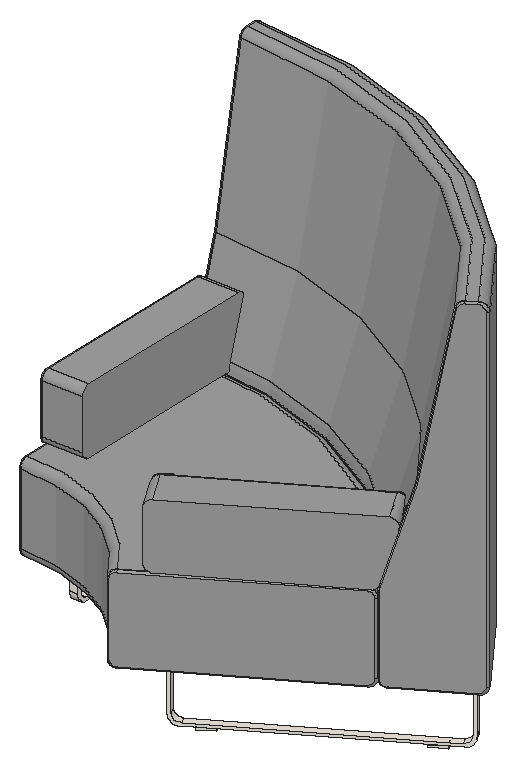
Revit family "Haworth_Riverbend_ConcaveCurve60_EU_PRELIMINARY", category Furniture, Revit 2018
Family settings
  OmniClass Number = 23.40.70.14.64.21
  OmniClass Title = Systems Furniture
  Work Plane-Based = No
  Always vertical = Yes
  Cut with Voids When Loaded = No
  Shared = No
  Room Calculation Point = No
Parameters (values of type "126 x 93 x 148 - High Back")
  Without Arms [instance] = not(or(Left Arm, Right Arm))  # no
  With Arms [instance] = not(Without Arms)  # yes
  Width Straight Edge = if(Small, 87 cm, 93 cm)  # 93 cm
  Warranty = "http://www.haworth.com/resources/product-info/warranties"
  URL - Product = "https://www.haworth.com/eu/en/products/sofas-armchairs/riverbend-pebble.html"
  Two Arms [instance] = and(Left Arm, Right Arm)  # yes
  Trim Finish = Haworth _ Paint _ Plaster
  Symbolic Line Controller = not(No Back)  # yes
  Small = not(Large)  # no
  Seat Upholstery Finish [instance] = Haworth _ Fabric _ Tellure _ Steel 3A-39
  Right Arm [instance] = yes
  No Back = not(or(Mid Back, High Back))  # no
  Mid Back = no
  Model = "SELSCX6F"  # constant formula
  Left Arm [instance] = yes
  Large = yes
  High Back = yes
  Description = "Haworth - Riverbend - Concave Curve - 60 Degree"  # constant formula
  URL = "https://www.haworth.com/eu/en.html"
  Size = "Verify Final Dim. w/ Haworth"  # constant formula
  Revision Number = "1"  # constant formula
  Manufacturer = "Haworth"  # constant formula
  Back Upholstery Finish [instance] = Haworth _ Fabric _ Tellure _ Steel 3A-39
  Author = "Haworth (Bentzen, Abd Rahman)"  # constant formula
  Assembly Code = "E2020200"
  Arm Finish [instance] = Haworth _ Fabric _ Tellure _ Steel 3A-39
  Actual Width = 148 cm  # constant formula
  Actual Height = 45 cm  # constant formula
  Actual Depth = if(Small, 87 cm, 93 cm)  # 93 cm
Reference planes (cm)
  plane 1 "Bottom": z = 0
  plane 2 "Top": z = 45
  plane 3 "Top - Bottom of Chamfer Edge": z = 44.365
  plane 4 "Frame Bottom": z = 17.06
  plane 5 "Bottom - Top of Chamfer Edge": z = 17.695
  plane 6 "Leg Bracket - Bottom": z = 17.78
  plane 7 "Leg Bottom - Top of Bottom": z = 1.5875
  plane 8 "Foot - Top of Foot": z = 0.635
  plane 9: through (-4.4745, -4.9082, 121.92) normal (0.5, 0.866, 0)
  plane 10: x = -52.1282
  plane 11: through (6.8034, -53.9021, 121.92) normal (-0.5, 0.866, 0)
  plane 12: through (23.4368, 43.4356, 121.92) normal (0.5, 0.866, 0)
  plane 13: y = 63.5131
  plane 14: through (-52.1483, -87.4815, 121.92) normal (-0.7071, 0.7071, 0)
  plane 15: z = 43.18
  plane 16: y = -29.4869
  plane 17: y = -19.6719
  plane 18 "revolve_origin": x = -51.4932
  plane 19 "revolve_axis": y = -86.8265
  plane 20: through (78.7046, -11.6567, 121.92) normal (0.866, 0.5, 0)
  plane 21: through (6.1144, -53.5667, 121.92) normal (0.866, 0.5, 0)
  plane 22: y = -53.5667
  plane 23: through (-22.6894, -36.9368, 121.92) normal (-0.866, 0.5, 0)
  plane 24: through (78.7046, -11.6567, 121.92) normal (-0.5, 0.866, 0)
  plane 25: through (-18.2336, -29.2192, 121.92) normal (0.5, 0.866, 0)
  plane 26: through (-48.3354, 65.963, 121.92) normal (-0.866, 0.5, 0)
  plane 27: through (79.8364, -8.037, 121.92) normal (-0.866, 0.5, 0)
  plane 28: through (-145.2669, 35.2509, 121.92) normal (0.5, 0.866, 0)
  plane 29: y = 35.7765
Lines and regions (cm)
  Masking region 1
    outline origin (0, 0, 45) x (-1, 0, 0) y (0, -1, 0)
      loop
        line (52.1282, -63.5131) -> (52.1282, 20.3069)
        arc (52.1282, 20.3069) -> (18.2336, 29.2192) -> (-6.4319, 54.1166) r 66.5439
        line (-6.4319, 54.1166) -> (-79.0221, 12.2066)
        arc (-79.0221, 12.2066) -> (-23.6444, -43.3158) -> (52.1282, -63.5131) r 150.7586
  symbolic lines, style "Haworth", visible <- "Symbolic Line Controller"
    curve 1: arc (39.6496, -34.9384, 45) -> (0.9458, 4.0005, 45) -> (-52.1282, 18.0495, 45) r 104.8779
Dimensions and locks (cm)
  locked: plane 2 "Top" to plane 3 "Top - Bottom of Chamfer Edge" at 0.635
  plane 6 "Leg Bracket - Bottom" to plane 5 "Bottom - Top of Chamfer Edge" to plane 4 "Frame Bottom" = 0.085 cm locked, 0.635 cm locked
  plane 2 "Top" to plane 4 "Frame Bottom" = 27.94 cm
  "Actual Height": plane 2 "Top" to plane 1 "Bottom"
  plane 2 "Top" to plane 1 "Bottom" = 45 cm
  "Actual Width": plane 26 to plane 27
  plane 12 to plane 28 = 91.44 cm
  "Actual Depth": plane 16 to plane 13
  aligned and locked: plane 10 to nested 2
  aligned and locked: plane 13 to nested 2
  aligned and locked: plane 6 "Leg Bracket - Bottom" to nested 1
  aligned and locked: plane 10 to nested 3
  aligned and locked: plane 13 to nested 3
  aligned and locked: plane 6 "Leg Bracket - Bottom" to nested 3
  aligned and locked: plane 13 to nested 1
  aligned and locked: plane 13 to nested 4
  aligned and locked: plane 10 to nested 4
  aligned and locked: plane 6 "Leg Bracket - Bottom" to nested 4
  aligned and locked: nested 4 to curve 1
  aligned and locked: nested 3 to curve 1
  aligned and locked: Masking region 1 sketch curve to plane 10
  aligned and locked: Masking region 1 sketch curve to plane 11
  aligned and locked: plane 21 to Masking region 1 sketch curve
  aligned and locked: plane 13 to Masking region 1 sketch curve
  aligned and locked: nested 5 to plane 10
  aligned and locked: nested 5 to plane 2 "Top"
  aligned and locked: nested 6 to plane 2 "Top"
  aligned and locked: nested 7 to nested 1
  aligned and locked: nested 7 to plane 11
Automatic sketch dimensions
  Masking region 1 sketch curve to plane 23 = 0 cm  (x2)
  plane 18 "revolve_origin" to Masking region 1 sketch curve = 0.0124 cm
  plane 18 "revolve_origin" to Masking region 1 sketch curve = 0.2417 cm
  plane 14 to curve 1 = 0 cm
  curve 1 to plane 18 "revolve_origin" = 0 cm
  plane 16 to curve 1 = 5.4515 cm
Nested families (cm)
  nested 1: "Haworth_Riverbend_ConcaveBench60_Small_Seat-PART" at (-0.9286, 0, -0.635), visible <- "Small", Seat Upholstery Finish <- "Seat Upholstery Finish", type "Small Seat - PART"
    with Seat Upholstery Finish Haworth _ Fabric _ Tellure _ Steel 3A-39, Symbolic Line Controller yes, No Back no, Mid Back no
  nested 2: "Haworth_Riverbend_Bench60_Base-PART" at (0, 0, 0), Trim Finish <- "Trim Finish", type "Base - PART"
    with Trim Finish Haworth _ Paint _ Plaster, Actual Depth 93 cm
  nested 3: "Haworth_Riverbend_ConcaveBench60_Back-PART" at (0, 0, -0.635), Back Upholstery Finish <- "Back Upholstery Finish", type "Back - PART"
    with Back Upholstery Finish Haworth _ Fabric _ Tellure _ Steel 3A-39, Symbolic Line Controller yes, No Back no, Mid Back no
  nested 4: "Haworth_Riverbend_ConcaveBench60_Large_Seat-PART" at (0, 0, -0.635), Seat Upholstery Finish <- "Seat Upholstery Finish", visible <- "Large", type "Large Seat - PART"
    with Seat Upholstery Finish Haworth _ Fabric _ Tellure _ Steel 3A-39, Symbolic Line Controller yes, No Back no, Mid Back no
  nested 5: "Haworth_Riverbend_Arm-PART" at (3.9018, 5.781, 0), 85D <- "Large", Arm Finish <- "Arm Finish", visible <- "Left Arm", type "Arm - PART"
    with Arm Finish Haworth _ Fabric _ Tellure _ Steel 3A-39, 85D yes, 79D no, Actual Height 45 cm
  nested 6: "Haworth_Riverbend_Arm-PART" at (50.6957, -78.3504, 0) x (0.5, -0.866, 0) z (0, 0, 1), 85D <- "Large", Arm Finish <- "Arm Finish", visible <- "Right Arm", type "Arm - PART"
    with Arm Finish Haworth _ Fabric _ Tellure _ Steel 3A-39, 85D yes, 79D no, Actual Height 45 cm
  nested 7: "Haworth_Riverbend_Arm-PART" at (53.8108, -76.4491, 0) x (0.5, -0.866, 0) z (0, 0, 1), 79D <- "Small", Arm Finish <- "Arm Finish", visible <- "Right Arm", type "Arm - PART"
    with Arm Finish Haworth _ Fabric _ Tellure _ Steel 3A-39, 85D no, 79D no, Actual Height 45 cm
  nested 8: "Haworth_Riverbend_Arm-PART" at (-94.1582, 10.8304, 0) x (-1, 0, 0) z (0, 0, 1), 79D <- "Small", Arm Finish <- "Arm Finish", visible <- "Left Arm", type "Arm - PART"
    with Arm Finish Haworth _ Fabric _ Tellure _ Steel 3A-39, 85D no, 79D no, Actual Height 45 cm
Definition of nested family "Haworth_Riverbend_ConcaveBench60_Small_Seat-PART"
  Parameters (values of type "Small Seat - PART")
    Width Straight Edge = 88 cm  # constant formula
    Warranty = "http://www.haworth.com/resources/product-info/warranties"
    URL - Product = "http://www.haworth.com/products/seating/sofas/riverbend-pebble"
    Symbolic Line Controller = not(No Back)  # no
    Seat Upholstery Finish [instance] = none
    No Back = yes
    Mid Back = yes
    Model = "Haworth - Riverbend"  # constant formula
    High Back = yes
    Description = "Haworth - Riverbend - Concave Bench - 60 Degree - Small Seat - PART"  # constant formula
    URL = "http://www.haworth.com"
    Size = "Verify Final Dim. w/ Haworth"  # constant formula
    Revision Number = "1"  # constant formula
    Manufacturer = "Haworth"  # constant formula
    Author = "Haworth (Bentzen, Abd Rahman)"  # constant formula
    Assembly Code = "E2020200"
    Actual Width = 148 cm  # constant formula
    Actual Height = 45.72 cm  # constant formula
    Actual Depth = 88 cm  # constant formula
  Reference planes (cm)
    plane 1 "Bottom": z = 0
    plane 2 "Top": z = 45.72
    plane 3 "Top - Bottom of Chamfer Edge": z = 45.085
    plane 4 "Frame Bottom": z = 18.415
    plane 5 "Bottom - Top of Chamfer Edge": z = 19.05
    plane 6 "Leg Bracket - Bottom": z = 17.78
    plane 7 "Leg Bottom - Top of Bottom": z = 1.5875
    plane 8 "Foot - Top of Foot": z = 0.635
    plane 9: through (-4.4745, -4.9082, 121.92) normal (0.5, 0.866, 0)
    plane 10: x = -52.1282
    plane 11: through (6.8034, -53.9021, 121.92) normal (-0.5, 0.866, 0)
    plane 12: through (23.4368, 43.4356, 121.92) normal (0.5, 0.866, 0)
    plane 13: y = 63.5131
    plane 14: through (-52.1483, -87.4815, 121.92) normal (-0.7071, 0.7071, 0)
    plane 15: z = 43.18
    plane 16: y = -24.4869
    plane 17: y = -19.6719
    plane 18 "revolve_origin": x = -51.4932
    plane 19 "revolve_axis": y = -86.8265
    plane 20: through (78.7046, -11.6567, 121.92) normal (0.866, 0.5, 0)
    plane 21: through (6.1144, -53.5667, 121.92) normal (0.866, 0.5, 0)
    plane 22: y = -53.5667
    plane 23: through (-22.6894, -36.9368, 121.92) normal (-0.866, 0.5, 0)
    plane 24: through (78.7046, -11.6567, 121.92) normal (-0.5, 0.866, 0)
    plane 25: through (-18.2336, -29.2192, 121.92) normal (0.5, 0.866, 0)
    plane 26: through (-48.3354, 65.963, 121.92) normal (-0.866, 0.5, 0)
    plane 27: through (79.8364, -8.037, 121.92) normal (-0.866, 0.5, 0)
    plane 28: through (-145.2669, 35.2509, 121.92) normal (0.5, 0.866, 0)
    plane 29: y = 35.7765
  Forms (cm)
    Blend 1, solid, material <- "Seat Upholstery Finish", visible <- "Symbolic Line Controller"
      base sketch origin (-52.1282, -84.3965, 0) x (0, -1, 0) y (0, 0, 1)
        loop
          arc (-118.268, 45.085) -> (-119.615, 44.527) -> (-120.173, 43.18) r 1.905
          line (-120.173, 43.18) -> (-120.173, 20.955)
          arc (-120.173, 20.955) -> (-119.615, 19.608) -> (-118.268, 19.05) r 1.905
          line (-118.268, 19.05) -> (-62.8796, 19.05)
          arc (-62.8796, 19.05) -> (-61.5326, 19.608) -> (-60.9746, 20.955) r 1.905
          line (-60.9746, 20.955) -> (-60.9746, 43.18)
          arc (-60.9746, 43.18) -> (-61.5326, 44.527) -> (-62.8796, 45.085) r 1.905
          line (-62.8796, 45.085) -> (-118.268, 45.085)
      top sketch origin (-52.1282, -84.3965, 0) x (0, -1, 0) y (0, 0, 1)
        loop
          arc (-118.268, 45.72) -> (-120.0641, 44.9761) -> (-120.808, 43.18) r 2.54
          line (-120.808, 43.18) -> (-120.808, 20.955)
          arc (-120.808, 20.955) -> (-120.0641, 19.1589) -> (-118.268, 18.415) r 2.54
          line (-118.268, 18.415) -> (-62.5304, 18.415)
          arc (-62.5304, 18.415) -> (-60.7343, 19.1589) -> (-59.9904, 20.955) r 2.54
          line (-59.9904, 20.955) -> (-59.9904, 43.18)
          arc (-59.9904, 43.18) -> (-60.7343, 44.9761) -> (-62.5304, 45.72) r 2.54
          line (-62.5304, 45.72) -> (-118.268, 45.72)
      from 0 to -0.635
    Revolve 2, solid, material <- "Seat Upholstery Finish", visible <- "No Back"
      sketch origin (-51.4932, 0, 0) x (0, -1, 0) y (0, 0, 1)
        loop
          line (-63.5131, 43.18) -> (-63.5131, 20.955)
          arc (-63.5131, 20.955) -> (-62.7691, 19.1589) -> (-60.9731, 18.415) r 2.54
          line (-60.9731, 18.415) -> (21.9469, 18.415)
          arc (21.9469, 18.415) -> (23.743, 19.1589) -> (24.4869, 20.955) r 2.54
          line (24.4869, 20.955) -> (24.4869, 43.18)
          arc (24.4869, 43.18) -> (23.743, 44.9761) -> (21.9469, 45.72) r 2.54
          line (21.9469, 45.72) -> (-60.9731, 45.72)
          arc (-60.9731, 45.72) -> (-62.7691, 44.9761) -> (-63.5131, 43.18) r 2.54
        axis (86.8265, 45.72) -> (86.8265, 18.415)
      angle from 0 to 60
    Revolve 3, solid, material <- "Seat Upholstery Finish", visible <- "Symbolic Line Controller"
      sketch origin (-51.4932, 0, 0) x (0, -1, 0) y (0, 0, 1)
        loop
          line (-36.4115, 43.18) -> (-36.4115, 20.955)
          arc (-36.4115, 20.955) -> (-35.6675, 19.1589) -> (-33.8715, 18.415) r 2.54
          line (-33.8715, 18.415) -> (21.9469, 18.415)
          arc (21.9469, 18.415) -> (23.743, 19.1589) -> (24.4869, 20.955) r 2.54
          line (24.4869, 20.955) -> (24.4869, 43.18)
          arc (24.4869, 43.18) -> (23.743, 44.9761) -> (21.9469, 45.72) r 2.54
          line (21.9469, 45.72) -> (-33.8715, 45.72)
          arc (-33.8715, 45.72) -> (-35.6675, 44.9761) -> (-36.4115, 43.18) r 2.54
        axis (86.8265, 45.72) -> (86.8265, 18.415)
      angle from 0 to 60
    Blend 4, solid, material <- "Seat Upholstery Finish", visible <- "No Back"
      base sketch origin (-2.13, -59.0598, 0) x (-0.866025, -0.5, 0) y (0, 0, -1)
        loop
          line (-91.1664, -45.085) -> (-8.6764, -45.085)
          arc (-8.6764, -45.085) -> (-7.3294, -44.527) -> (-6.7714, -43.18) r 1.905
          line (-6.7714, -43.18) -> (-6.7714, -20.955)
          arc (-6.7714, -20.955) -> (-7.3294, -19.608) -> (-8.6764, -19.05) r 1.905
          line (-8.6764, -19.05) -> (-91.1664, -19.05)
          arc (-91.1664, -19.05) -> (-92.5134, -19.608) -> (-93.0714, -20.955) r 1.905
          line (-93.0714, -20.955) -> (-93.0714, -43.18)
          arc (-93.0714, -43.18) -> (-92.5134, -44.527) -> (-91.1664, -45.085) r 1.905
      top sketch origin (-2.13, -59.0598, 0) x (-0.866025, -0.5, 0) y (0, 0, -1)
        loop
          line (-91.1664, -45.72) -> (-8.3272, -45.72)
          arc (-8.3272, -45.72) -> (-6.5311, -44.9761) -> (-5.7872, -43.18) r 2.54
          line (-5.7872, -43.18) -> (-5.7872, -20.955)
          arc (-5.7872, -20.955) -> (-6.5311, -19.1589) -> (-8.3272, -18.415) r 2.54
          line (-8.3272, -18.415) -> (-91.1664, -18.415)
          arc (-91.1664, -18.415) -> (-92.9625, -19.1589) -> (-93.7064, -20.955) r 2.54
          line (-93.7064, -20.955) -> (-93.7064, -43.18)
          arc (-93.7064, -43.18) -> (-92.9625, -44.9761) -> (-91.1664, -45.72) r 2.54
      from 0 to -0.635
    Blend 5, solid, material <- "Seat Upholstery Finish", visible <- "No Back"
      base sketch origin (-52.1282, -30.1933, 0) x (0, -1, 0) y (0, 0, 1)
        loop
          arc (-91.1664, 45.085) -> (-92.5134, 44.527) -> (-93.0714, 43.18) r 1.905
          line (-93.0714, 43.18) -> (-93.0714, 20.955)
          arc (-93.0714, 20.955) -> (-92.5134, 19.608) -> (-91.1664, 19.05) r 1.905
          line (-91.1664, 19.05) -> (-8.6764, 19.05)
          arc (-8.6764, 19.05) -> (-7.3294, 19.608) -> (-6.7714, 20.955) r 1.905
          line (-6.7714, 20.955) -> (-6.7714, 43.18)
          arc (-6.7714, 43.18) -> (-7.3294, 44.527) -> (-8.6764, 45.085) r 1.905
          line (-8.6764, 45.085) -> (-91.1664, 45.085)
      top sketch origin (-52.1282, -30.1933, 0) x (0, -1, 0) y (0, 0, 1)
        loop
          arc (-91.1664, 45.72) -> (-92.9625, 44.9761) -> (-93.7064, 43.18) r 2.54
          line (-93.7064, 43.18) -> (-93.7064, 20.955)
          arc (-93.7064, 20.955) -> (-92.9625, 19.1589) -> (-91.1664, 18.415) r 2.54
          line (-91.1664, 18.415) -> (-8.3272, 18.415)
          arc (-8.3272, 18.415) -> (-6.5311, 19.1589) -> (-5.7872, 20.955) r 2.54
          line (-5.7872, 20.955) -> (-5.7872, 43.18)
          arc (-5.7872, 43.18) -> (-6.5311, 44.9761) -> (-8.3272, 45.72) r 2.54
          line (-8.3272, 45.72) -> (-91.1664, 45.72)
      from 0 to -0.635
    Blend 6, solid, material <- "Seat Upholstery Finish", visible <- "Symbolic Line Controller"
      base sketch origin (-49.0713, -86.1614, 0) x (-0.866025, -0.5, 0) y (0, 0, -1)
        loop
          line (-118.268, -45.085) -> (-62.8796, -45.085)
          arc (-62.8796, -45.085) -> (-61.5326, -44.527) -> (-60.9746, -43.18) r 1.905
          line (-60.9746, -43.18) -> (-60.9746, -20.955)
          arc (-60.9746, -20.955) -> (-61.5326, -19.608) -> (-62.8796, -19.05) r 1.905
          line (-62.8796, -19.05) -> (-118.268, -19.05)
          arc (-118.268, -19.05) -> (-119.615, -19.608) -> (-120.173, -20.955) r 1.905
          line (-120.173, -20.955) -> (-120.173, -43.18)
          arc (-120.173, -43.18) -> (-119.615, -44.527) -> (-118.268, -45.085) r 1.905
      top sketch origin (-49.0713, -86.1614, 0) x (-0.866025, -0.5, 0) y (0, 0, -1)
        loop
          line (-118.268, -45.72) -> (-62.5304, -45.72)
          arc (-62.5304, -45.72) -> (-60.7343, -44.9761) -> (-59.9904, -43.18) r 2.54
          line (-59.9904, -43.18) -> (-59.9904, -20.955)
          arc (-59.9904, -20.955) -> (-60.7343, -19.1589) -> (-62.5304, -18.415) r 2.54
          line (-62.5304, -18.415) -> (-118.268, -18.415)
          arc (-118.268, -18.415) -> (-120.0641, -19.1589) -> (-120.808, -20.955) r 2.54
          line (-120.808, -20.955) -> (-120.808, -43.18)
          arc (-120.808, -43.18) -> (-120.0641, -44.9761) -> (-118.268, -45.72) r 2.54
      from 0 to -0.635
  Lines and regions (cm)
    Masking region 1
      outline origin (0, 0, 45.72) x (-1, 0, 0) y (0, -1, 0)
        loop
          line (52.1282, -63.5131) -> (52.1282, 20.3069)
          arc (52.1282, 20.3069) -> (18.2336, 29.2192) -> (-6.4319, 54.1166) r 66.5439
          line (-6.4319, 54.1166) -> (-79.0221, 12.2066)
          arc (-79.0221, 12.2066) -> (-23.6444, -43.3158) -> (52.1282, -63.5131) r 150.7586
    symbolic lines, visible <- "Symbolic Line Controller", detail levels medium+fine
      curve 1: arc (47.994, -29.3875, 45.72) -> (5.9458, 12.6607, 45.72) -> (-51.4932, 28.0515, 45.72) r 114.8779
  Dimensions and locks (cm)
    locked: plane 2 "Top" to plane 3 "Top - Bottom of Chamfer Edge" at 0.635
    locked: plane 5 "Bottom - Top of Chamfer Edge" to plane 4 "Frame Bottom" at 0.635
    plane 2 "Top" to plane 4 "Frame Bottom" = 27.305 cm
    "Actual Height": plane 2 "Top" to plane 1 "Bottom"
    plane 2 "Top" to plane 1 "Bottom" = 45.72 cm
    "Actual Width": plane 26 to plane 27
    plane 12 to plane 28 = 91.44 cm
    "Actual Depth": plane 16 to plane 13
  Automatic sketch dimensions
    curve 1 to plane 24 = 0 cm
    curve 1 to plane 18 "revolve_origin" = 0 cm
    plane 14 to curve 1 = 0 cm
    plane 16 to curve 1 = 4.9006 cm
    Blend 1 sketch curve to plane 15 = 0 cm  (x3)
    Blend 1 sketch curve to plane 29 = 0 cm
    Blend 1 sketch curve to plane 3 "Top - Bottom of Chamfer Edge" = 0 cm
    Blend 1 sketch curve to plane 5 "Bottom - Top of Chamfer Edge" = 0 cm
    plane 29 to Blend 1 sketch curve = 1.905 cm  (x2)
    plane 17 to Blend 1 sketch curve = 1.845 cm  (x2)
    Blend 1 sketch curve to plane 4 "Frame Bottom" = 0 cm
    Blend 1 sketch curve to plane 2 "Top" = 0 cm
    plane 15 to Blend 1 sketch curve = 0 cm
    Blend 1 sketch curve to plane 16 = 0.0808 cm
    plane 17 to Blend 1 sketch curve = 2.1942 cm
    plane 5 "Bottom - Top of Chamfer Edge" to Blend 1 sketch curve = 1.905 cm
    Revolve 2 sketch curve to plane 13 = 0 cm
    Revolve 2 sketch curve to plane 4 "Frame Bottom" = 0 cm
    Revolve 2 sketch curve to plane 2 "Top" = 0 cm  (x2)
    Revolve 2 sketch curve to plane 15 = 0 cm
    plane 15 to Revolve 2 sketch curve = 0 cm
    Revolve 2 sketch curve to plane 16 = 0 cm
    Revolve 2 sketch curve to plane 19 "revolve_axis" = 0 cm
    plane 5 "Bottom - Top of Chamfer Edge" to Revolve 2 sketch curve = 1.905 cm  (x2)
    plane 5 "Bottom - Top of Chamfer Edge" to Revolve 2 sketch curve = 6.35 cm
    Revolve 3 sketch curve to plane 15 = 0 cm
    Revolve 3 sketch curve to plane 4 "Frame Bottom" = 0 cm
    Revolve 3 sketch curve to plane 2 "Top" = 0 cm  (x2)
    plane 15 to Revolve 3 sketch curve = 0 cm
    Revolve 3 sketch curve to plane 16 = 0 cm
    Revolve 3 sketch curve to plane 19 "revolve_axis" = 0 cm
    plane 5 "Bottom - Top of Chamfer Edge" to Revolve 3 sketch curve = 1.905 cm
    plane 29 to Revolve 3 sketch curve = 1.905 cm  (x2)
    plane 5 "Bottom - Top of Chamfer Edge" to Revolve 3 sketch curve = 6.35 cm
    Masking region 1 sketch curve to plane 11 = 0 cm  (x2)
    Masking region 1 sketch curve to plane 20 = 0 cm
    Masking region 1 sketch curve to plane 21 = 0 cm
    Masking region 1 sketch curve to plane 23 = 0 cm  (x2)
    Masking region 1 sketch curve to plane 10 = 0 cm
    plane 18 "revolve_origin" to Masking region 1 sketch curve = 0.0124 cm
    plane 18 "revolve_origin" to Masking region 1 sketch curve = 0.2417 cm
    Blend 4 sketch curve to plane 15 = 0 cm  (x4)
    Blend 4 sketch curve to plane 3 "Top - Bottom of Chamfer Edge" = 0 cm
    Blend 4 sketch curve to plane 5 "Bottom - Top of Chamfer Edge" = 0 cm
    Blend 4 sketch curve to plane 20 = 0.635 cm
    Blend 4 sketch curve to plane 20 = 2.54 cm  (x2)
    Blend 4 sketch curve to plane 21 = 1.21 cm  (x2)
    Blend 4 sketch curve to plane 20 = 0 cm
    Blend 4 sketch curve to plane 4 "Frame Bottom" = 0 cm
    Blend 4 sketch curve to plane 2 "Top" = 0 cm
    Blend 4 sketch curve to plane 21 = 1.5592 cm  (x2)
    Blend 5 sketch curve to plane 15 = 0 cm  (x3)
    Blend 5 sketch curve to plane 3 "Top - Bottom of Chamfer Edge" = 0 cm
    Blend 5 sketch curve to plane 5 "Bottom - Top of Chamfer Edge" = 0 cm
    plane 13 to Blend 5 sketch curve = 0.635 cm
    plane 13 to Blend 5 sketch curve = 2.54 cm  (x2)
    plane 17 to Blend 5 sketch curve = 1.845 cm  (x2)
    Blend 5 sketch curve to plane 13 = 0 cm
    Blend 5 sketch curve to plane 4 "Frame Bottom" = 0 cm
    Blend 5 sketch curve to plane 2 "Top" = 0 cm
    plane 15 to Blend 5 sketch curve = 0 cm
    plane 17 to Blend 5 sketch curve = 2.1942 cm  (x2)
    Blend 6 sketch curve to plane 15 = 0 cm  (x4)
    Blend 6 sketch curve to plane 3 "Top - Bottom of Chamfer Edge" = 0 cm
    Blend 6 sketch curve to plane 5 "Bottom - Top of Chamfer Edge" = 0 cm
    plane 5 "Bottom - Top of Chamfer Edge" to Blend 6 sketch curve = 1.905 cm  (x2)
    Blend 6 sketch curve to plane 20 = 27.7366 cm
    Blend 6 sketch curve to plane 21 = 1.21 cm  (x2)
    Blend 6 sketch curve to plane 4 "Frame Bottom" = 0 cm
    Blend 6 sketch curve to plane 2 "Top" = 0 cm
    Blend 6 sketch curve to plane 20 = 27.1016 cm
    Blend 6 sketch curve to plane 21 = 1.5592 cm  (x2)
Definition of nested family "Haworth_Riverbend_Bench60_Base-PART"
  Parameters (values of type "Base - PART")
    Width Straight Edge = 83.82 cm  # constant formula
    Warranty = "http://www.haworth.com/resources/product-info/warranties"
    URL - Product = "http://www.haworth.com/products/seating/sofas/riverbend-pebble"
    Trim Finish [instance] = none
    Model = "Haworth - Riverbend"  # constant formula
    Description = "Haworth - Riverbend - Bench 60 Degree - Base - PART"  # constant formula
    URL = "http://www.haworth.com"
    Size = "Verify Final Dim. w/ Haworth"  # constant formula
    Revision Number = "1"  # constant formula
    Manufacturer = "Haworth"  # constant formula
    Author = "Haworth (Bentzen, Abd Rahman)"  # constant formula
    Assembly Code = "E2020200"
    Actual Width = 148 cm  # constant formula
    Actual Height = 45 cm
    Actual Depth = 83.82 cm
  Reference planes (cm)
    plane 1 "Bottom": z = 0
    plane 2 "Top": z = 45
    plane 3 "Top - Bottom of Chamfer Edge": z = 44.365
    plane 4 "Frame Bottom": z = 17.695
    plane 5 "Bottom - Top of Chamfer Edge": z = 18.33
    plane 6 "Leg Bracket - Bottom": z = 17.06
    plane 7 "Leg Bottom - Top of Bottom": z = 1.5875
    plane 8 "Foot - Top of Foot": z = 0.635
    plane 9: through (-4.4745, -4.9082, 121.92) normal (0.5, 0.866, 0)
    plane 10: x = -52.1282
    plane 11: through (6.8034, -53.9021, 121.92) normal (-0.5, 0.866, 0)
    plane 12: through (23.4368, 43.4356, 121.92) normal (0.5, 0.866, 0)
    plane 13: y = 63.5131
    plane 14: through (-52.1483, -87.4815, 121.92) normal (-0.7071, 0.7071, 0)
    plane 15: z = 43.18
    plane 16: y = -20.3069
    plane 17: y = -19.6719
    plane 18 "revolve_origin": x = -51.4932
    plane 19 "revolve_axis": y = -86.8265
    plane 20: through (78.7046, -11.6567, 121.92) normal (0.866, 0.5, 0)
    plane 21: through (6.1144, -53.5667, 121.92) normal (0.866, 0.5, 0)
    plane 22: y = -53.5667
    plane 23: through (-22.6894, -36.9368, 121.92) normal (-0.866, 0.5, 0)
    plane 24: through (78.7046, -11.6567, 121.92) normal (-0.5, 0.866, 0)
    plane 25: through (-18.2336, -29.2192, 121.92) normal (0.5, 0.866, 0)
    plane 26: through (-48.3354, 65.963, 121.92) normal (-0.866, 0.5, 0)
    plane 27: through (79.2475, -7.697, 121.92) normal (-0.866, 0.5, 0)
    plane 28: through (-145.2669, 35.2509, 121.92) normal (0.5, 0.866, 0)
    plane 29: y = 35.7765
  Forms (cm)
    Extrusion 1, solid, material <- "Trim Finish"
      sketch origin (46.2096, -35.654, 0) x (-0.866025, -0.5, 0) y (0, 0, 1)
        loop
          line (-36.5606, 17.06) -> (-36.5606, 3.81)
          arc (-36.5606, 3.81) -> (-35.6307, 1.5649) -> (-33.3856, 0.635) r 3.175
          line (-33.3856, 0.635) -> (35.7542, 0.635)
          arc (35.7542, 0.635) -> (37.9993, 1.5649) -> (38.9292, 3.81) r 3.175
          line (38.9292, 3.81) -> (38.9292, 17.06) -> (37.9761, 17.06) -> (37.9761, 4.1275)
          arc (37.9761, 4.1275) -> (37.2321, 2.3314) -> (35.4361, 1.5875) r 2.54
          line (35.4361, 1.5875) -> (-33.0681, 1.5875)
          arc (-33.0681, 1.5875) -> (-34.8642, 2.3314) -> (-35.6081, 4.1275) r 2.54
          line (-35.6081, 4.1275) -> (-35.6081, 17.06) -> (-36.5606, 17.06)
      from 8.74 to 11.28
    Extrusion 2, solid, material <- "Trim Finish"
      sketch origin (148.316, 29.7823, 45.72) x (-0.5, 0.866025, 0) y (-0.866025, -0.5, 0)
        loop
          line (3.1238, 91.5768) -> (5.6637, 91.5768) -> (5.6637, 96.6568) -> (3.1238, 96.6568) -> (3.1238, 91.5768)
      from -45.72 to -45.085
    Extrusion 3, solid, material <- "Trim Finish"
      sketch origin (153.3414, 32.6837, 45.72) x (-0.5, 0.866025, 0) y (-0.866025, -0.5, 0)
        loop
          line (3.1238, 158.8838) -> (3.1238, 153.8038) -> (5.6637, 153.8038) -> (5.6637, 158.8838) -> (3.1238, 158.8838)
      from -45.72 to -45.085
    Extrusion 4, solid, material <- "Trim Finish"
      sketch origin (148.316, 29.7823, 45.72) x (-0.5, 0.866025, 0) y (-0.866025, -0.5, 0)
        loop
          line (2.0735, 84.5843) -> (8.106, 84.5843) -> (8.106, 90.6168) -> (2.0735, 90.6168) -> (2.0735, 84.5843)
      from -28.66 to -28.025
    Extrusion 5, solid, material <- "Trim Finish"
      sketch origin (197.2532, 58.0362, 45.72) x (-0.5, 0.866025, 0) y (-0.866025, -0.5, 0)
        loop
          line (2.0735, 216.5819) -> (2.0735, 210.5488) -> (8.106, 210.5488) -> (8.106, 216.5819) -> (2.0735, 216.5819)
      from -28.66 to -28.025
    Extrusion 6, solid, material <- "Trim Finish"
      sketch origin (-56.4433, 23.6127, 0) x (0, -1, 0) y (0, 0, -1)
        loop
          line (-35.9214, -17.06) -> (-34.9689, -17.06) -> (-34.9689, -4.1275)
          arc (-34.9689, -4.1275) -> (-34.225, -2.3314) -> (-32.4289, -1.5875) r 2.54
          line (-32.4289, -1.5875) -> (35.4361, -1.5875)
          arc (35.4361, -1.5875) -> (37.2321, -2.3314) -> (37.9761, -4.1275) r 2.54
          line (37.9761, -4.1275) -> (37.9761, -17.06) -> (38.9292, -17.06) -> (38.9292, -3.81)
          arc (38.9292, -3.81) -> (37.9993, -1.5649) -> (35.7542, -0.635) r 3.175
          line (35.7542, -0.635) -> (-32.7464, -0.635)
          arc (-32.7464, -0.635) -> (-34.9915, -1.5649) -> (-35.9214, -3.81) r 3.175
          line (-35.9214, -3.81) -> (-35.9214, -17.06)
      from 8.74 to 11.28
    Extrusion 7, solid, material <- "Trim Finish"
      sketch origin (-50.827, 144.7576, 45.72) x (1, 0, 0) y (0, 1, 0)
        loop
          line (3.1238, -92.216) -> (3.1238, -97.296) -> (5.6637, -97.296) -> (5.6637, -92.216) -> (3.1238, -92.216)
      from -45.72 to -45.085
    Extrusion 8, solid, material <- "Trim Finish"
      sketch origin (-50.827, 150.5604, 45.72) x (1, 0, 0) y (0, 1, 0)
        loop
          line (3.1238, -158.8838) -> (5.6637, -158.8838) -> (5.6637, -153.8038) -> (3.1238, -153.8038) -> (3.1238, -158.8838)
      from -45.72 to -45.085
    Extrusion 9, solid, material <- "Trim Finish"
      sketch origin (-50.827, 144.7576, 45.72) x (1, 0, 0) y (0, 1, 0)
        loop
          line (3.1238, -85.2235) -> (3.1238, -91.256) -> (9.1562, -91.256) -> (9.1562, -85.2235) -> (3.1238, -85.2235)
      from -28.66 to -28.025
    Extrusion 10, solid, material <- "Trim Finish"
      sketch origin (-50.827, 201.2654, 45.72) x (1, 0, 0) y (0, 1, 0)
        loop
          line (3.1238, -216.5819) -> (9.1562, -216.5819) -> (9.1562, -210.5488) -> (3.1238, -210.5488) -> (3.1238, -216.5819)
      from -28.66 to -28.025
    Extrusion 11, solid, material <- "Trim Finish"
      sketch origin (16.1977, 48.3771, 0) x (-0.5, -0.866025, 0) y (0, 0, -1)
        loop
          line (4.6386, -17.06) -> (5.5911, -17.06) -> (5.5911, -4.1275)
          arc (5.5911, -4.1275) -> (6.335, -2.3314) -> (8.1311, -1.5875) r 2.54
          line (8.1311, -1.5875) -> (35.4361, -1.5875)
          arc (35.4361, -1.5875) -> (37.2321, -2.3314) -> (37.9761, -4.1275) r 2.54
          line (37.9761, -4.1275) -> (37.9761, -17.06) -> (38.9286, -17.06) -> (38.9286, -3.81)
          arc (38.9286, -3.81) -> (37.9987, -1.5649) -> (35.7536, -0.635) r 3.175
          line (35.7536, -0.635) -> (7.8136, -0.635)
          arc (7.8136, -0.635) -> (5.5685, -1.5649) -> (4.6386, -3.81) r 3.175
          line (4.6386, -3.81) -> (4.6386, -17.06)
      from 8.74 to 11.28
    Extrusion 12, solid, material <- "Trim Finish"
      sketch origin (61.354, 115.3576, 45.72) x (0.866025, -0.5, 0) y (0.5, 0.866025, 0)
        loop
          line (3.1238, -92.216) -> (3.1238, -97.296) -> (5.6637, -97.296) -> (5.6637, -92.216) -> (3.1238, -92.216)
      from -45.72 to -45.085
    Extrusion 13, solid, material <- "Trim Finish"
      sketch origin (84.5354, 155.5089, 45.72) x (0.866025, -0.5, 0) y (0.5, 0.866025, 0)
        loop
          line (3.1238, -158.8838) -> (5.6637, -158.8838) -> (5.6637, -153.8038) -> (3.1238, -153.8038) -> (3.1238, -158.8838)
      from -45.72 to -45.085
    Extrusion 14, solid, material <- "Trim Finish"
      sketch origin (61.354, 115.3576, 45.72) x (0.866025, -0.5, 0) y (0.5, 0.866025, 0)
        loop
          line (3.1238, -85.2235) -> (3.1238, -91.256) -> (9.1562, -91.256) -> (9.1562, -85.2235) -> (3.1238, -85.2235)
      from -28.66 to -28.025
    Extrusion 15, solid, material <- "Trim Finish"
      sketch origin (109.8879, 199.4208, 45.72) x (0.866025, -0.5, 0) y (0.5, 0.866025, 0)
        loop
          line (3.1238, -216.5813) -> (9.1562, -216.5813) -> (9.1562, -210.5488) -> (3.1238, -210.5488) -> (3.1238, -216.5813)
      from -28.66 to -28.025
  Lines and regions (cm)
    Masking region 1
      outline origin (0, 0, 45) x (-1, 0, 0) y (0, -1, 0)
        loop
          line (45.1633, 11.8234) -> (45.1633, -56.0416) -> (47.7033, -56.0416) -> (47.7033, 11.8234) -> (45.1633, 11.8234)
        loop
          line (-8.2484, -12.0486) -> (-21.9009, -35.6954) -> (-19.7012, -36.9654) -> (-6.0487, -13.3186) -> (-8.2484, -12.0486)
        loop
          line (-69.2075, 9.3512) -> (-9.8811, 43.6033) -> (-11.1511, 45.803) -> (-70.4775, 11.5509) -> (-69.2075, 9.3512)
  Dimensions and locks (cm)
    locked: plane 2 "Top" to plane 3 "Top - Bottom of Chamfer Edge" at 0.635
    plane 2 "Top" to plane 4 "Frame Bottom" = 27.305 cm
    "Actual Height": plane 2 "Top" to plane 1 "Bottom"
    plane 2 "Top" to plane 1 "Bottom" = 45 cm
    Extrusion 1 sketch curve to Extrusion 1 sketch curve = 0.9525 cm  (x2)
    Extrusion 1 sketch curve to Extrusion 1 sketch curve = 0.9531 cm
    Extrusion 6 sketch curve to Extrusion 6 sketch curve = 0.9525 cm  (x2)
    Extrusion 6 sketch curve to Extrusion 6 sketch curve = 0.9531 cm
    Extrusion 11 sketch curve to Extrusion 11 sketch curve = 0.9525 cm  (x3)
    plane 26 to plane 27 = 147.32 cm
    plane 12 to plane 28 = 91.44 cm
    "Actual Depth": plane 16 to plane 13
    plane 5 "Bottom - Top of Chamfer Edge" to plane 4 "Frame Bottom" to plane 6 "Leg Bracket - Bottom" = 0.635 cm locked, 0.635 cm locked
    aligned and locked: Extrusion 3 to plane 1 "Bottom"
    aligned and locked: Extrusion 3 to plane 8 "Foot - Top of Foot"
    aligned and locked: Extrusion 2 to plane 8 "Foot - Top of Foot"
    aligned and locked: Extrusion 2 to plane 1 "Bottom"
    aligned and locked: plane 6 "Leg Bracket - Bottom" to Extrusion 1  (x2)
    aligned and locked: Extrusion 1 to plane 7 "Leg Bottom - Top of Bottom"
    aligned and locked: plane 8 "Foot - Top of Foot" to Extrusion 1
    aligned and locked: Extrusion 5 to plane 6 "Leg Bracket - Bottom"
    aligned and locked: plane 4 "Frame Bottom" to Extrusion 5
    aligned and locked: Extrusion 4 to plane 6 "Leg Bracket - Bottom"
    aligned and locked: plane 4 "Frame Bottom" to Extrusion 4
    aligned and locked: Extrusion 10 to plane 6 "Leg Bracket - Bottom"
    aligned and locked: plane 4 "Frame Bottom" to Extrusion 10
    aligned and locked: Extrusion 9 to plane 6 "Leg Bracket - Bottom"
    aligned and locked: plane 4 "Frame Bottom" to Extrusion 9
    aligned and locked: Extrusion 15 to plane 6 "Leg Bracket - Bottom"
    aligned and locked: plane 4 "Frame Bottom" to Extrusion 15
    aligned and locked: Extrusion 14 to plane 6 "Leg Bracket - Bottom"
    aligned and locked: plane 4 "Frame Bottom" to Extrusion 14
  Automatic sketch dimensions
    plane 6 "Leg Bracket - Bottom" to Extrusion 1 sketch curve = 0 cm  (x2)
    Extrusion 1 sketch curve to plane 8 "Foot - Top of Foot" = 0 cm
    Extrusion 1 sketch curve to plane 7 "Leg Bottom - Top of Bottom" = 2.2225 cm
    Extrusion 1 sketch curve to plane 20 = 3.5795 cm
    Extrusion 1 sketch curve to Extrusion 1 sketch curve = 0.3175 cm
    Extrusion 1 sketch curve to plane 7 "Leg Bottom - Top of Bottom" = 2.54 cm
    plane 21 to Extrusion 1 sketch curve = 8.2437 cm
    Extrusion 1 sketch curve to Extrusion 1 sketch curve = 0.3181 cm
    Extrusion 2 sketch curve to plane 24 = 4.2052 cm
    Extrusion 2 sketch curve to Extrusion 2 sketch curve = 2.54 cm
    Extrusion 2 sketch curve to plane 20 = 10.572 cm
    Extrusion 2 sketch curve to Extrusion 2 sketch curve = 5.08 cm
    Extrusion 3 sketch curve to plane 24 = 4.2052 cm
    Extrusion 3 sketch curve to Extrusion 3 sketch curve = 2.54 cm
    plane 21 to Extrusion 3 sketch curve = 16.8237 cm
    Extrusion 3 sketch curve to Extrusion 3 sketch curve = 5.08 cm
    Extrusion 4 sketch curve to plane 24 = 3.155 cm
    Extrusion 4 sketch curve to Extrusion 4 sketch curve = 6.0325 cm  (x2)
    Extrusion 4 sketch curve to plane 20 = 3.5795 cm
    Extrusion 5 sketch curve to plane 24 = 3.155 cm
    Extrusion 5 sketch curve to Extrusion 5 sketch curve = 6.0325 cm
    plane 21 to Extrusion 5 sketch curve = 10.7837 cm
    plane 21 to Extrusion 5 sketch curve = 4.7506 cm
    Extrusion 6 sketch curve to plane 6 "Leg Bracket - Bottom" = 0 cm  (x2)
    plane 8 "Foot - Top of Foot" to Extrusion 6 sketch curve = 0 cm
    Extrusion 6 sketch curve to plane 7 "Leg Bottom - Top of Bottom" = 2.2225 cm
    plane 13 to Extrusion 6 sketch curve = 3.979 cm
    Extrusion 6 sketch curve to Extrusion 6 sketch curve = 0.3175 cm
    Extrusion 6 sketch curve to plane 7 "Leg Bottom - Top of Bottom" = 2.54 cm
    Extrusion 6 sketch curve to plane 17 = 7.8485 cm
    Extrusion 6 sketch curve to Extrusion 6 sketch curve = 0.3181 cm
    Extrusion 7 sketch curve to plane 18 "revolve_origin" = 3.79 cm
    Extrusion 7 sketch curve to Extrusion 7 sketch curve = 2.54 cm
    Extrusion 7 sketch curve to plane 29 = 11.6851 cm
    Extrusion 7 sketch curve to Extrusion 7 sketch curve = 5.08 cm
    Extrusion 8 sketch curve to plane 18 "revolve_origin" = 3.79 cm
    Extrusion 8 sketch curve to Extrusion 8 sketch curve = 2.54 cm
    Extrusion 8 sketch curve to plane 17 = 11.3485 cm
    Extrusion 8 sketch curve to Extrusion 8 sketch curve = 5.08 cm
    Extrusion 9 sketch curve to plane 18 "revolve_origin" = 3.79 cm
    Extrusion 9 sketch curve to Extrusion 9 sketch curve = 6.0325 cm
    plane 13 to Extrusion 9 sketch curve = 10.0115 cm
    plane 13 to Extrusion 9 sketch curve = 3.979 cm
    Extrusion 10 sketch curve to plane 18 "revolve_origin" = 3.79 cm
    Extrusion 10 sketch curve to Extrusion 10 sketch curve = 6.0325 cm
    Extrusion 10 sketch curve to plane 17 = 4.3554 cm
    Extrusion 10 sketch curve to Extrusion 10 sketch curve = 6.0331 cm
    Extrusion 11 sketch curve to plane 6 "Leg Bracket - Bottom" = 0 cm  (x2)
    plane 8 "Foot - Top of Foot" to Extrusion 11 sketch curve = 0 cm
    Extrusion 11 sketch curve to plane 7 "Leg Bottom - Top of Bottom" = 2.2225 cm
    Extrusion 11 sketch curve to plane 12 = 3.9787 cm
    Extrusion 11 sketch curve to Extrusion 11 sketch curve = 0.3175 cm  (x2)
    Extrusion 11 sketch curve to plane 7 "Leg Bottom - Top of Bottom" = 2.54 cm
    plane 9 to Extrusion 11 sketch curve = 21.0465 cm
    plane 23 to Extrusion 12 sketch curve = 0.2398 cm
    Extrusion 12 sketch curve to plane 23 = 2.3002 cm
    Extrusion 12 sketch curve to plane 12 = 16.0512 cm
    Extrusion 12 sketch curve to Extrusion 12 sketch curve = 5.08 cm
    plane 23 to Extrusion 13 sketch curve = 0.2398 cm
    Extrusion 13 sketch curve to plane 23 = 2.3002 cm
    plane 9 to Extrusion 13 sketch curve = 24.5465 cm
    Extrusion 13 sketch curve to Extrusion 13 sketch curve = 5.08 cm
    plane 23 to Extrusion 14 sketch curve = 0.2398 cm
    Extrusion 14 sketch curve to plane 23 = 5.7927 cm
    Extrusion 14 sketch curve to plane 12 = 10.0112 cm
    Extrusion 14 sketch curve to plane 12 = 3.9787 cm
    plane 23 to Extrusion 15 sketch curve = 0.2398 cm
    Extrusion 15 sketch curve to plane 23 = 5.7927 cm
    plane 9 to Extrusion 15 sketch curve = 17.554 cm
    Extrusion 15 sketch curve to Extrusion 15 sketch curve = 6.0325 cm
    Masking region 1 sketch curve to plane 18 "revolve_origin" = 6.33 cm
    Masking region 1 sketch curve to Masking region 1 sketch curve = 2.54 cm
    plane 13 to Masking region 1 sketch curve = 7.4715 cm
    Masking region 1 sketch curve to plane 17 = 7.8485 cm
    plane 29 to Masking region 1 sketch curve = 22.4579 cm
    Masking region 1 sketch curve to Masking region 1 sketch curve = 51.212 cm
    plane 29 to Masking region 1 sketch curve = 23.7279 cm
    Masking region 1 sketch curve to Masking region 1 sketch curve = 2.1997 cm
    Masking region 1 sketch curve to plane 29 = 1.1889 cm
    Masking region 1 sketch curve to plane 17 = 10.3208 cm
    Masking region 1 sketch curve to Masking region 1 sketch curve = 60.959 cm
    Masking region 1 sketch curve to plane 17 = 8.1211 cm
    Masking region 1 sketch curve to Masking region 1 sketch curve = 1.27 cm
    plane 22 to Masking region 1 sketch curve = 7.7637 cm
Definition of nested family "Haworth_Riverbend_ConcaveBench60_Back-PART"
  Parameters (values of type "Back - PART")
    Width Straight Edge = 88 cm  # constant formula
    Warranty = "http://www.haworth.com/resources/product-info/warranties"
    URL - Product = "http://www.haworth.com/products/seating/sofas/riverbend-pebble"
    Symbolic Line Controller = not(No Back)  # no
    No Back = yes
    Mid Back = yes
    Model = "Haworth - Riverbend"  # constant formula
    High Back = yes
    Description = "Haworth - Riverbend - Concave Bench - 60 Degree - Back - PART"  # constant formula
    URL = "http://www.haworth.com"
    Size = "Verify Final Dim. w/ Haworth"  # constant formula
    Revision Number = "1"  # constant formula
    Manufacturer = "Haworth"  # constant formula
    Back Upholstery Finish [instance] = none
    Author = "Haworth (Bentzen, Abd Rahman)"  # constant formula
    Assembly Code = "E2020200"
    Actual Width = 143 cm  # constant formula
    Actual Height = 45.72 cm  # constant formula
    Actual Depth = 88 cm  # constant formula
  Reference planes (cm)
    plane 1 "Bottom": z = 0
    plane 2 "Top": z = 45.72
    plane 3 "Top - Bottom of Chamfer Edge": z = 45.085
    plane 4 "Frame Bottom": z = 18.415
    plane 5 "Bottom - Top of Chamfer Edge": z = 19.05
    plane 6 "Leg Bracket - Bottom": z = 17.78
    plane 7 "Leg Bottom - Top of Bottom": z = 1.5875
    plane 8 "Foot - Top of Foot": z = 0.635
    plane 9: through (-4.4745, -4.9082, 121.92) normal (0.5, 0.866, 0)
    plane 10: x = -52.1282
    plane 11: through (6.8034, -53.9021, 121.92) normal (-0.5, 0.866, 0)
    plane 12: through (23.4368, 43.4356, 121.92) normal (0.5, 0.866, 0)
    plane 13: y = 63.5131
    plane 14: through (-52.1483, -87.4815, 121.92) normal (-0.7071, 0.7071, 0)
    plane 15: z = 43.18
    plane 16: y = -24.4869
    plane 17: y = -19.6719
    plane 18 "revolve_origin": x = -51.4932
    plane 19 "revolve_axis": y = -86.8265
    plane 20: through (78.7046, -11.6567, 121.92) normal (0.866, 0.5, 0)
    plane 21: through (6.1144, -53.5667, 121.92) normal (0.866, 0.5, 0)
    plane 22: y = -53.5667
    plane 23: through (-22.6894, -36.9368, 121.92) normal (-0.866, 0.5, 0)
    plane 24: through (78.7046, -11.6567, 121.92) normal (-0.5, 0.866, 0)
    plane 25: through (-18.2336, -29.2192, 121.92) normal (0.5, 0.866, 0)
    plane 26: through (-48.3354, 65.963, 121.92) normal (-0.866, 0.5, 0)
    plane 27: through (75.5062, -5.537, 121.92) normal (-0.866, 0.5, 0)
    plane 28: through (-145.2669, 35.2509, 121.92) normal (0.5, 0.866, 0)
    plane 29: y = 35.7765
  Forms (cm)
    Blend 1, solid, material <- "Back Upholstery Finish", visible <- "Mid Back"
      base sketch origin (-84.455, 36.6279, -16.9305) x (0, -1, 0) y (0, 0, 1)
        loop
          arc (-21.8852, 95.6705) -> (-25.4207, 94.206) -> (-26.8852, 90.6705) r 5
          line (-26.8852, 90.6705) -> (-26.8852, 37.8855)
          arc (-26.8852, 37.8855) -> (-26.1413, 36.0895) -> (-24.3452, 35.3455) r 2.54
          line (-24.3452, 35.3455) -> (-2.3236, 35.3455)
          arc (-2.3236, 35.3455) -> (-0.5276, 36.0895) -> (0.2164, 37.8855) r 2.54
          line (0.2164, 37.8855) -> (0.2164, 61.7447)
          arc (0.2164, 61.7447) -> (-0.0093, 63.6186) -> (-0.4624, 65.4509) r 15.413
          line (-0.4624, 65.4509) -> (-8.8342, 92.1653)
          arc (-8.8342, 92.1653) -> (-10.6456, 94.7) -> (-13.606, 95.6705) r 5.0006
          line (-13.606, 95.6705) -> (-21.8852, 95.6705)
      top sketch origin (-84.455, 36.6279, -16.9305) x (0, -1, 0) y (0, 0, 1)
        loop
          line (-13.606, 95.0355) -> (-21.8852, 95.0355)
          arc (-21.8852, 95.0355) -> (-24.9717, 93.757) -> (-26.2502, 90.6705) r 4.365
          line (-26.2502, 90.6705) -> (-26.2502, 37.8855)
          arc (-26.2502, 37.8855) -> (-25.6922, 36.5385) -> (-24.3452, 35.9805) r 1.905
          line (-24.3452, 35.9805) -> (-2.1415, 35.9805)
          arc (-2.1415, 35.9805) -> (-0.7944, 36.5385) -> (-0.2365, 37.8855) r 1.905
          line (-0.2365, 37.8855) -> (-0.2365, 62.6065) -> (-9.4401, 91.9754)
          arc (-9.4401, 91.9754) -> (-11.0215, 94.1883) -> (-13.606, 95.0355) r 4.3656
      from -32.9618 to -32.3268
    Blend 2, solid, material <- "Back Upholstery Finish", visible <- "High Back"
      base sketch origin (-155.081, 41.0729, -16.9305) x (0, -1, 0) y (0, 0, 1)
        loop
          line (-22.4402, 141.2935) -> (-22.4402, 37.8855)
          arc (-22.4402, 37.8855) -> (-21.6963, 36.0895) -> (-19.9002, 35.3455) r 2.54
          line (-19.9002, 35.3455) -> (2.1214, 35.3455)
          arc (2.1214, 35.3455) -> (3.9174, 36.0895) -> (4.6614, 37.8855) r 2.54
          line (4.6614, 37.8855) -> (4.6614, 61.7447)
          arc (4.6614, 61.7447) -> (4.4357, 63.6186) -> (3.9826, 65.4509) r 15.413
          line (3.9826, 65.4509) -> (-4.5168, 92.5723) -> (-14.0689, 141.8173)
          arc (-14.0689, 141.8173) -> (-14.9707, 143.3341) -> (-16.6314, 143.9305) r 2.6102
          line (-16.6314, 143.9305) -> (-19.8032, 143.9305)
          arc (-19.8032, 143.9305) -> (-21.6679, 143.1582) -> (-22.4402, 141.2935) r 2.637
      top sketch origin (-155.081, 41.0729, -16.9305) x (0, -1, 0) y (0, 0, 1)
        loop
          arc (-19.8032, 143.2955) -> (-21.2188, 142.7091) -> (-21.8052, 141.2935) r 2.002
          line (-21.8052, 141.2935) -> (-21.8052, 37.8855)
          arc (-21.8052, 37.8855) -> (-21.2472, 36.5385) -> (-19.9002, 35.9805) r 1.905
          line (-19.9002, 35.9805) -> (2.3035, 35.9805)
          arc (2.3035, 35.9805) -> (3.6506, 36.5385) -> (4.2085, 37.8855) r 1.905
          line (4.2085, 37.8855) -> (4.2085, 62.6065) -> (-5.1334, 92.4164) -> (-14.6923, 141.6964)
          arc (-14.6923, 141.6964) -> (-15.3747, 142.8442) -> (-16.6314, 143.2955) r 1.9752
          line (-16.6314, 143.2955) -> (-19.8032, 143.2955)
      from -103.5878 to -102.9528
    Revolve 3, solid, material <- "Back Upholstery Finish", visible <- "Mid Back"
      sketch origin (-51.4932, 0, 0) x (0, 1, 0) y (0, 0, 1)
        loop
          arc (63.5131, 73.74) -> (62.0486, 77.2755) -> (58.5131, 78.74) r 5
          line (58.5131, 78.74) -> (50.2339, 78.74)
          arc (50.2339, 78.74) -> (47.2734, 77.7695) -> (45.4621, 75.2348) r 5.0006
          line (45.4621, 75.2348) -> (37.0903, 48.5204)
          arc (37.0903, 48.5204) -> (36.6372, 46.6881) -> (36.4115, 44.8142) r 15.413
          line (36.4115, 44.8142) -> (36.4115, 20.955)
          arc (36.4115, 20.955) -> (37.1554, 19.1589) -> (38.9515, 18.415) r 2.54
          line (38.9515, 18.415) -> (60.9731, 18.415)
          arc (60.9731, 18.415) -> (62.7691, 19.1589) -> (63.5131, 20.955) r 2.54
          line (63.5131, 20.955) -> (63.5131, 73.74)
        axis (-86.8265, 78.74) -> (-86.8265, 18.415)
      angle from 0 to -60
    Revolve 4, solid, material <- "Back Upholstery Finish", visible <- "High Back"
      sketch origin (-51.4932, 0, 0) x (0, 1, 0) y (0, 0, 1)
        loop
          arc (63.5131, 124.363) -> (62.7407, 126.2276) -> (60.8761, 127) r 2.637
          line (60.8761, 127) -> (57.7043, 127)
          arc (57.7043, 127) -> (56.0436, 126.4036) -> (55.1418, 124.8868) r 2.6102
          line (55.1418, 124.8868) -> (45.5896, 75.6418) -> (37.0903, 48.5204)
          arc (37.0903, 48.5204) -> (36.6372, 46.6881) -> (36.4115, 44.8142) r 15.413
          line (36.4115, 44.8142) -> (36.4115, 20.955)
          arc (36.4115, 20.955) -> (37.1554, 19.1589) -> (38.9515, 18.415) r 2.54
          line (38.9515, 18.415) -> (60.9731, 18.415)
          arc (60.9731, 18.415) -> (62.7691, 19.1589) -> (63.5131, 20.955) r 2.54
          line (63.5131, 20.955) -> (63.5131, 124.363)
        axis (-86.8265, 127) -> (-86.8265, 18.415)
      angle from 0 to -60
    Blend 5, solid, material <- "Back Upholstery Finish", visible <- "High Back"
      base sketch origin (111.0648, -112.5865, -16.9305) x (-0.866025, -0.5, 0) y (0, 0, -1)
        loop
          arc (-22.4402, -141.2935) -> (-21.6679, -143.1582) -> (-19.8032, -143.9305) r 2.637
          line (-19.8032, -143.9305) -> (-16.6314, -143.9305)
          arc (-16.6314, -143.9305) -> (-14.9707, -143.3341) -> (-14.0689, -141.8173) r 2.6102
          line (-14.0689, -141.8173) -> (-4.5168, -92.5723) -> (3.9826, -65.4509)
          arc (3.9826, -65.4509) -> (4.4357, -63.6186) -> (4.6614, -61.7447) r 15.413
          line (4.6614, -61.7447) -> (4.6614, -37.8855)
          arc (4.6614, -37.8855) -> (3.9174, -36.0895) -> (2.1214, -35.3455) r 2.54
          line (2.1214, -35.3455) -> (-19.9002, -35.3455)
          arc (-19.9002, -35.3455) -> (-21.6963, -36.0895) -> (-22.4402, -37.8855) r 2.54
          line (-22.4402, -37.8855) -> (-22.4402, -141.2935)
      top sketch origin (111.0648, -112.5865, -16.9305) x (-0.866025, -0.5, 0) y (0, 0, -1)
        loop
          line (-19.8032, -143.2955) -> (-16.6314, -143.2955)
          arc (-16.6314, -143.2955) -> (-15.3747, -142.8442) -> (-14.6923, -141.6964) r 1.9752
          line (-14.6923, -141.6964) -> (-5.1334, -92.4164) -> (4.2085, -62.6065) -> (4.2085, -37.8855)
          arc (4.2085, -37.8855) -> (3.6506, -36.5385) -> (2.3035, -35.9805) r 1.905
          line (2.3035, -35.9805) -> (-19.9002, -35.9805)
          arc (-19.9002, -35.9805) -> (-21.2472, -36.5385) -> (-21.8052, -37.8855) r 1.905
          line (-21.8052, -37.8855) -> (-21.8052, -141.2935)
          arc (-21.8052, -141.2935) -> (-21.2188, -142.7091) -> (-19.8032, -143.2955) r 2.002
      from -103.5878 to -102.9528
    Blend 6, solid, material <- "Back Upholstery Finish", visible <- "Mid Back"
      base sketch origin (71.9023, -53.645, -16.9305) x (-0.866025, -0.5, 0) y (0, 0, -1)
        loop
          line (-21.8852, -95.6705) -> (-13.606, -95.6705)
          arc (-13.606, -95.6705) -> (-10.6456, -94.7) -> (-8.8342, -92.1653) r 5.0006
          line (-8.8342, -92.1653) -> (-0.4624, -65.4509)
          arc (-0.4624, -65.4509) -> (-0.0093, -63.6186) -> (0.2164, -61.7447) r 15.413
          line (0.2164, -61.7447) -> (0.2164, -37.8855)
          arc (0.2164, -37.8855) -> (-0.5276, -36.0895) -> (-2.3236, -35.3455) r 2.54
          line (-2.3236, -35.3455) -> (-24.3452, -35.3455)
          arc (-24.3452, -35.3455) -> (-26.1413, -36.0895) -> (-26.8852, -37.8855) r 2.54
          line (-26.8852, -37.8855) -> (-26.8852, -90.6705)
          arc (-26.8852, -90.6705) -> (-25.4207, -94.206) -> (-21.8852, -95.6705) r 5
      top sketch origin (71.9023, -53.645, -16.9305) x (-0.866025, -0.5, 0) y (0, 0, -1)
        loop
          arc (-13.606, -95.0355) -> (-11.0215, -94.1883) -> (-9.4401, -91.9754) r 4.3656
          line (-9.4401, -91.9754) -> (-0.2365, -62.6065) -> (-0.2365, -37.8855)
          arc (-0.2365, -37.8855) -> (-0.7944, -36.5385) -> (-2.1415, -35.9805) r 1.905
          line (-2.1415, -35.9805) -> (-24.3452, -35.9805)
          arc (-24.3452, -35.9805) -> (-25.6922, -36.5385) -> (-26.2502, -37.8855) r 1.905
          line (-26.2502, -37.8855) -> (-26.2502, -90.6705)
          arc (-26.2502, -90.6705) -> (-24.9717, -93.757) -> (-21.8852, -95.0355) r 4.365
          line (-21.8852, -95.0355) -> (-13.606, -95.0355)
      from -32.9618 to -32.3268
  Lines and regions (cm)
    Masking region 1
      outline origin (0, 0, 45.72) x (-1, 0, 0) y (0, -1, 0)
        loop
          line (52.1282, -63.5131) -> (52.1282, -36.4098)
          arc (52.1282, -36.4098) -> (-10.1258, -19.9007) -> (-55.5501, 25.7582) r 123.2379
          line (-55.5501, 25.7582) -> (-79.0221, 12.2066)
          arc (-79.0221, 12.2066) -> (-23.8894, -43.7401) -> (52.1282, -63.5131) r 147.7058
    symbolic lines, visible <- "Symbolic Line Controller", detail levels medium+fine
      curve 1: arc (47.994, -29.3875, 45.72) -> (5.9458, 12.6607, 45.72) -> (-51.4932, 28.0515, 45.72) r 114.8779
  Dimensions and locks (cm)
    locked: plane 2 "Top" to plane 3 "Top - Bottom of Chamfer Edge" at 0.635
    locked: plane 5 "Bottom - Top of Chamfer Edge" to plane 4 "Frame Bottom" at 0.635
    plane 2 "Top" to plane 4 "Frame Bottom" = 27.305 cm
    "Actual Height": plane 2 "Top" to plane 1 "Bottom"
    plane 2 "Top" to plane 1 "Bottom" = 45.72 cm
    "Actual Width": plane 26 to plane 27
    plane 12 to plane 28 = 91.44 cm
    "Actual Depth": plane 16 to plane 13
  Automatic sketch dimensions
    curve 1 to plane 24 = 0 cm
    curve 1 to plane 18 "revolve_origin" = 0 cm
    plane 14 to curve 1 = 0 cm
    plane 16 to curve 1 = 4.9006 cm
    Blend 1 sketch curve to plane 13 = 0 cm
    Blend 1 sketch curve to plane 4 "Frame Bottom" = 0 cm
    plane 13 to Blend 1 sketch curve = 2.54 cm
    Blend 1 sketch curve to Blend 1 sketch curve = 5 cm
    plane 15 to Blend 1 sketch curve = 0.7313 cm
    plane 13 to Blend 1 sketch curve = 11.715 cm
    Blend 1 sketch curve to Blend 1 sketch curve = 8.2792 cm  (x2)
    Blend 1 sketch curve to Blend 1 sketch curve = 4.7718 cm
    Blend 1 sketch curve to plane 29 = 3.175 cm
    Blend 1 sketch curve to plane 29 = 1.3138 cm
    Blend 1 sketch curve to plane 3 "Top - Bottom of Chamfer Edge" = 0.2708 cm
    Blend 1 sketch curve to plane 29 = 0.635 cm
    plane 2 "Top" to Blend 1 sketch curve = 28.0194 cm  (x2)
    Blend 1 sketch curve to Blend 1 sketch curve = 0.0006 cm  (x2)
    Blend 1 sketch curve to plane 5 "Bottom - Top of Chamfer Edge" = 0 cm
    plane 13 to Blend 1 sketch curve = 0.635 cm
    Blend 1 sketch curve to Blend 1 sketch curve = 1.905 cm
    plane 13 to Blend 1 sketch curve = 5 cm
    Blend 1 sketch curve to Blend 1 sketch curve = 4.1659 cm
    plane 5 "Bottom - Top of Chamfer Edge" to Blend 1 sketch curve = 1.905 cm
    Blend 1 sketch curve to plane 29 = 2.9929 cm
    Blend 1 sketch curve to plane 2 "Top" = 0.0441 cm
    Blend 2 sketch curve to plane 13 = 0 cm
    Blend 2 sketch curve to plane 4 "Frame Bottom" = 0 cm
    plane 5 "Bottom - Top of Chamfer Edge" to Blend 2 sketch curve = 1.905 cm
    Blend 2 sketch curve to Blend 2 sketch curve = 2.637 cm
    Blend 2 sketch curve to Blend 2 sketch curve = 3.1718 cm  (x2)
    Blend 2 sketch curve to Blend 2 sketch curve = 2.5624 cm
    plane 15 to Blend 2 sketch curve = 0.7313 cm
    plane 13 to Blend 2 sketch curve = 11.715 cm
    Blend 2 sketch curve to plane 29 = 9.8132 cm
    Blend 2 sketch curve to plane 29 = 3.175 cm
    Blend 2 sketch curve to plane 29 = 1.3138 cm
    plane 4 "Frame Bottom" to Blend 2 sketch curve = 2.54 cm
    Blend 2 sketch curve to plane 3 "Top - Bottom of Chamfer Edge" = 0.2708 cm
    Blend 2 sketch curve to Blend 2 sketch curve = 27.1214 cm
    Blend 2 sketch curve to Blend 2 sketch curve = 48.7212 cm
    Blend 2 sketch curve to Blend 2 sketch curve = 2.6102 cm
    Blend 2 sketch curve to plane 5 "Bottom - Top of Chamfer Edge" = 0 cm
    plane 13 to Blend 2 sketch curve = 0.635 cm
    plane 13 to Blend 2 sketch curve = 2.54 cm
    Blend 2 sketch curve to Blend 2 sketch curve = 2.002 cm
    Blend 2 sketch curve to Blend 2 sketch curve = 1.9391 cm
    Blend 2 sketch curve to plane 29 = 10.4298 cm
    Blend 2 sketch curve to plane 29 = 2.9929 cm
    Blend 2 sketch curve to plane 2 "Top" = 0.0441 cm
    Blend 2 sketch curve to plane 29 = 1.0879 cm
    plane 2 "Top" to Blend 2 sketch curve = 29.7659 cm
    Blend 2 sketch curve to Blend 2 sketch curve = 48.8771 cm
    Blend 2 sketch curve to Blend 2 sketch curve = 1.9752 cm
    Revolve 3 sketch curve to plane 19 "revolve_axis" = 0 cm
    Revolve 3 sketch curve to plane 4 "Frame Bottom" = 0 cm
    Revolve 3 sketch curve to plane 13 = 0 cm
    Revolve 3 sketch curve to plane 29 = 0.635 cm
    Revolve 3 sketch curve to plane 29 = 1.3138 cm
    plane 5 "Bottom - Top of Chamfer Edge" to Revolve 3 sketch curve = 1.905 cm
    Revolve 3 sketch curve to plane 29 = 9.6856 cm
    Revolve 3 sketch curve to Revolve 3 sketch curve = 4.7718 cm
    plane 15 to Revolve 3 sketch curve = 0.7313 cm
    plane 13 to Revolve 3 sketch curve = 11.715 cm
    plane 13 to Revolve 3 sketch curve = 5 cm
    plane 13 to Revolve 3 sketch curve = 2.54 cm
    Revolve 3 sketch curve to plane 3 "Top - Bottom of Chamfer Edge" = 0.2708 cm
    plane 2 "Top" to Revolve 3 sketch curve = 28.0194 cm
    Revolve 3 sketch curve to Revolve 3 sketch curve = 0.0006 cm
    plane 2 "Top" to Revolve 3 sketch curve = 1.27 cm
    Revolve 3 sketch curve to Revolve 3 sketch curve = 4.445 cm
    Revolve 4 sketch curve to plane 19 "revolve_axis" = 0 cm
    Revolve 4 sketch curve to plane 4 "Frame Bottom" = 0 cm
    Revolve 4 sketch curve to plane 13 = 0 cm
    Revolve 4 sketch curve to plane 29 = 0.635 cm
    Revolve 4 sketch curve to plane 29 = 1.3138 cm
    Revolve 4 sketch curve to plane 29 = 3.175 cm
    Revolve 4 sketch curve to plane 29 = 9.8132 cm
    plane 15 to Revolve 4 sketch curve = 0.7313 cm
    plane 13 to Revolve 4 sketch curve = 11.715 cm
    plane 13 to Revolve 4 sketch curve = 8.3713 cm
    Revolve 4 sketch curve to Revolve 4 sketch curve = 2.5624 cm
    plane 13 to Revolve 4 sketch curve = 2.637 cm
    plane 13 to Revolve 4 sketch curve = 2.54 cm
